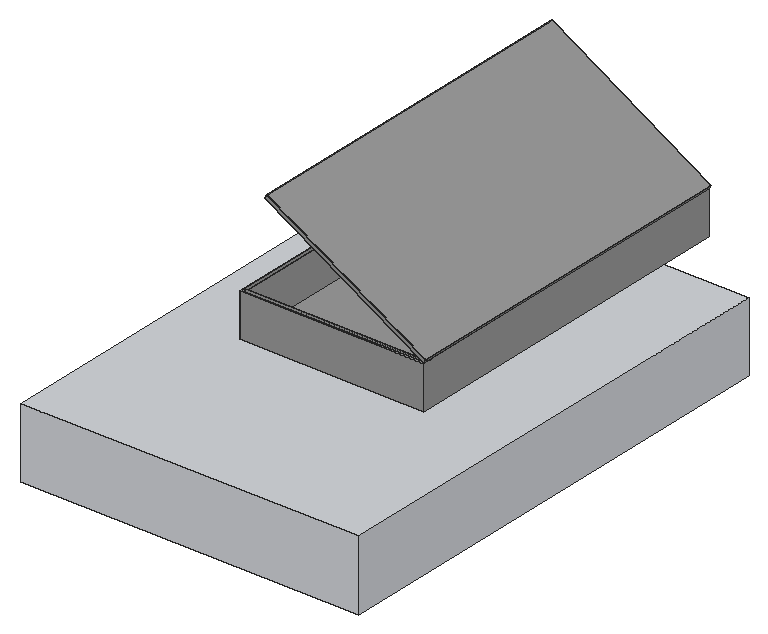
Revit family "Hager-Univers-IP44-D205-H1550-Cl.II-Encl-CH-de", category Equipement électrique, Revit 2020
Family settings
  Hôte = Face
  Configuration du panneau = Deux colonnes, circuits au sein
  Cote de connecteur circulaire = Utiliser le diamètre
  Type d'élément = Tableau de raccordement
  Couper avec des vides une fois chargée = Non
  Partagée = Non
  Point de calcul de pièce = Non
Parameters (values of type "Aufputz IP44 B800 H1550 T205  - FP03SN2")
  Width Control [instance] = if([EF000008 - Breite] > Min Width, [EF000008 - Breite], Min Width)  # 800 mm
  Commentaires du type = [HG000003 - Bereich]  # "Univers"
  Thickness Door [instance] = if([EF009171 - Materialstärke Tür/Deckel] > 3 mm, 3 mm, [EF009171 - Materialstärke Tür/Deckel])  # 1 mm
  Seal Frame Offset [instance] = 17 mm  # constant formula
  Plinth Visibility [instance] = [HG000027 - Sockelhöhe] > 0 mm  # no
  Model = ""
  Min Width [instance] = 100 mm  # constant formula
  Min Height [instance] = 100 mm  # constant formula
  Min Depth [instance] = (2 * [EF009170 - Materialstärke Gehäuse]) + 1 mm  # 3 mm
  Internal Frame Depth [instance] = (Door System Depth * 0.5)  # 9 mm
  Height Control [instance] = if([EF000040 - Höhe] > Min Height, [EF000040 - Höhe], Min Height)  # 1550 mm
  HG000027 - Sockelhöhe = 0 mm
  HG000026 - Stehend auf dem Boden = no
  HG000024 - Höhe des unteren Teils = 800 mm
  HG000023 - Gehäuse mit doppeltem Querschnitt = no
  HG000016 - 3D-Türsichtbarkeit [instance] = yes
  HG000015 - Sichtbarkeit der Türöffnung [instance] = no
  HG000014 - Tür rechts [instance] = yes
  HG000013 - Tür links [instance] = not([HG000014 - Tür rechts])  # no
  HG000012 - Türschwenkwinkel [instance] = 30.00°
  HG000010 - Asymmetrische Türen = no
  HG000009 - Doppelflügeligen Tür = no
  HG000006 - Unterputz = no
  HG000004 - Herstellerreferenz = "FP03SN2"
  HG000003 - Bereich = "Univers"
  HG000002 - Mit tür = yes
  Frame Offset Bottom [instance] = 10 mm  # constant formula
  Frame Offset [instance] = 15 mm  # constant formula
  EF015940 - Deckel mit Überdruckentlastung = no
  EF011959 - Schutzart (NEMA) = ""
  EF009554 - Anzahl der Öffnungen für Flanschplatten = 6
  Fabricant = "Hager"  # constant formula
  EF009212 - Ausführung Deckel = "EV000116 - geschlossen"
  EF009171 - Materialstärke Tür/Deckel = 1 mm
  EF009170 - Materialstärke Gehäuse = 1 mm
  EF008873 - Nennstrom (In) = 250 A
  EF007800 - Geeignet für Blitzschutz = no
  EF006306 - Mit Schloss = no
  EF006244 - Transparenter Deckel/Tür = no
  EF005474 - Schutzart (IP) = "EV006418 - IP44"
  EF004464 - Art der Tür = "EV002646 - Einzel"
  EF004427 - Anzahl der Module = 360
  EF004293 - Schlagfestigkeit = "EV006815 - IK09"
  EF003532 - Geeignet für Außengebrauch = no
  EF002950 - Breite in Teilungseinheiten = 36
  EF001613 - Funktionserhalt = "EV000494 - ohne"
  EF001596 - Werkstoff des Gehäuses = "EV000179 - Stahl"
  EF001131 - Innentiefe = 143 mm
  EF001088 - Anbaumöglichkeit = yes
  EF000437 - Anzahl der Leitungseinführungen = 6
  EF000339 - Art der Abdeckung = "EV001012 - Deckel"
  EF000266 - Anzahl der Reihen = 10
  EF000218 - Einbautiefe = 205 mm
  EF000118 - Mit Montageplatte = no
  EF000116 - RAL-Nummer = "9010"
  EF000049 - Tiefe = 205 mm
  EF000040 - Höhe = 1550 mm
  EF000008 - Breite = 800 mm
  EF000007 - Farbe = "EV000202 - weiß"
  EF000003 - Montageart = "EV000384 - Aufputz"
  Door System Leaf Tolerance [instance] = 1.5 mm  # constant formula
  Door System Depth [instance] = 18 mm  # constant formula
  Door Height [instance] = Height Control - [HG000027 - Sockelhöhe]  # 1550 mm
  Depth Control [instance] = if([EF000049 - Tiefe] > Min Depth, [EF000049 - Tiefe], Min Depth)  # 205 mm
  Default Elevation = 0 mm
  Connector Offset [instance] = Height Control / 2  # 775 mm
  Bottom Top Plate Trim [instance] = 1.5 mm  # constant formula
  Plinth height Ctrl [instance] = if([HG000027 - Sockelhöhe] > 0 mm, [HG000027 - Sockelhöhe], 12 mm)  # 12 mm
Types (5, lengths in mm): name | Width Control | HG000009 - Doppelflügeligen Tür | HG000004 - Herstellerreferenz | EF009554 - Anzahl der Öffnungen für Flanschplatten | EF008873 - Nennstrom (In) | EF004464 - Art der Tür | EF004427 - Anzahl der Module | EF002950 - Breite in Teilungseinheiten | EF001131 - Innentiefe | EF000437 - Anzahl der Leitungseinführungen | EF000008 - Breite
  Aufputz IP44 B1050 H1550 T205  - FP04SN2 | 1050 | yes | "FP04SN2" | 8 | 400 A | "EV003602 - Doppel" | 480 | 48 | 143 | 8 | 1050
  Aufputz IP44 B1300 H1550 T205  - FP05SN2 | 1300 | yes | "FP05SN2" | 10 | 400 A | "EV003602 - Doppel" | 600 | 60 | 143 | 10 | 1300
  Aufputz IP44 B300 H1550 T205  - FP01SN2 | 300 | no | "FP01SN2" | 2 | 250 A | "EV002646 - Einzel" | 120 | 12 | 130 | 2 | 300
  Aufputz IP44 B550 H1550 T205  - FP02SN2 | 550 | no | "FP02SN2" | 4 | 250 A | "EV002646 - Einzel" | 240 | 24 | 143 | 4 | 550
  Aufputz IP44 B800 H1550 T205  - FP03SN2 | 800 | no | "FP03SN2" | 6 | 250 A | "EV002646 - Einzel" | 360 | 36 | 143 | 6 | 800
Reference planes
  plane 1 "Center (Front/Back)": y = 0
  plane 2: z = 0
  plane 3 "Center (Left/Right)": x = 0
  plane 4: z = 205
  plane 5: y = 1
  plane 6: y = 775
  plane 7: y = 0
  plane 8: y = 1550
  plane 9: z = 0
  plane 10: x = -385
  plane 11: x = 385
  plane 12: x = 384
  plane 13: x = -384
  plane 14: y = 1549
  plane 15: x = -383
  plane 16: x = -400
  plane 17: x = 383
  plane 18: x = 400
  plane 19: x = 399
  plane 20: x = -399
  plane 21: y = 11
  plane 22: y = 1550
  plane 23: y = 1534
  plane 24: z = 187
  plane 25: z = 1
  plane 26: z = 186
  plane 27: z = 204
Forms (mm)
  Extrusion 1, solid
    sketch origin (0, 0, 0) x (1, 0, 0) y (0, 1, 0)
      loop
        line (-702.964, 1305) -> (-702.964, -811.445) -> (766.763, -811.445) -> (766.763, 1305) -> (-702.964, 1305)
    from 0 to -304.8
  Extrusion 2, solid, material "Hager_Steel_RAL7035_Light_Grey", visible <- "Plinth Visibility", detail levels medium+fine
    sketch origin (0, 0, 0) x (1, 0, 0) y (0, 1, 0)
      loop
        line (-400, 0) -> (400, 0) -> (400, 12) -> (-400, 12) -> (-400, 0)
    from 0 to 187
  Extrusion 3, solid, material "Hager_Steel_RAL7035_Light_Grey", detail levels medium+fine
    sketch origin (0, 0, 0) x (1, 0, 0) y (0, 1, 0)
      loop
        line (-400, 0) -> (400, 0) -> (400, 1550) -> (-400, 1550) -> (-400, 0)
    from 0 to 187
  Extrusion 4, void
    sketch origin (0, 0, 0) x (1, 0, 0) y (0, 1, 0)
      loop
        line (-399, 1) -> (399, 1) -> (399, 1549) -> (-399, 1549) -> (-399, 1)
    from 1 to 186
  Extrusion 5, void
    sketch origin (-381.607, -4572, 187) x (0, -1, 0) y (-1, 0, 0)
      loop
        line (-4583, 2.393) -> (-6106, 2.393) -> (-6106, -765.607) -> (-4583, -765.607) -> (-4583, 2.393)
    from 0 to 1 <- "EF009170 - Materialstärke Gehäuse"
  Extrusion 6, solid, material "Hager_Steel_RAL7035_Light_Grey", detail levels fine
    sketch origin (0, 0, 187) x (1, 0, 0) y (0, 1, 0)
      loop
        line (-384, 1534) -> (-384, 11) -> (384, 11) -> (384, 1534) -> (-384, 1534)
      loop
        line (-385, 10) -> (385, 10) -> (385, 1535) -> (-385, 1535) -> (-385, 10)
    from 0 to 9 <- "Internal Frame Depth"
  Extrusion 7, solid, material "Hager_Steel_RAL7035_Light_Grey", detail levels coarse
    sketch origin (0, 0, 0) x (1, 0, 0) y (0, 1, 0)
      loop
        line (-400, 0) -> (400, 0) -> (400, 1550) -> (-400, 1550) -> (-400, 0)
    from 0 to 205
  Sweep 8, void
    path in 3D
      loop
        line (-400, 12, 0) -> (400, 12, 0) -> (400, 12, 187) -> (-400, 12, 187) -> (-400, 12, 0)
    profile origin (-400, 12, 93.5) x (-1, 0, 0) y (0, -1, 0)
      loop
        line (0, 0) -> (0, 1.5) -> (-1.5, 1.5)
        arc (-1.5, 1.5) -> (-1.061, 0.439) -> (0, 0) r 1.5
Cuts and joins
  Extrusion 4, Extrusion 5 cuts Extrusion 3
  Sweep 8 cuts Extrusion 2
Lines and regions (mm)
  Masking region 1
    outline origin (0, 0, 0) x (1, 0, 0) y (0, 0, 1)
      loop
        line (-400, 205) -> (-400, 0) -> (400, 0) -> (400, 205) -> (-400, 205)
  Masking region 2, detail levels medium+fine
    outline origin (0, 140, 0) x (0, 1, 0) y (0, 0, 1)
      loop
        line (-140, 0) -> (1410, 0) -> (1410, 187) -> (-140, 187) -> (-140, 0)
  Masking region 3, not visible, detail levels medium+fine
    outline origin (0, 297.922, 0) x (0, 1, 0) y (0, 0, 1)
      loop
        line (488.578, 0) -> (528.578, 0) -> (528.578, 194)
        arc (528.578, 194) -> (525.649, 201.071) -> (518.578, 204) r 10
        line (518.578, 204) -> (488.578, 204) -> (488.578, 0)
  Masking region 4, detail levels coarse
    outline origin (0, 0, 180) x (0, 1, 0) y (0, 0, 1)
      loop
        line (0, -180) -> (1550, -180) -> (1550, 25) -> (0, 25) -> (0, -180)
  Masking region 5, visible <- "Plinth Visibility", detail levels medium+fine
    outline origin (0, 52.24, 12.345) x (0, 0, -1) y (0, 1, 0)
      loop
        line (10.845, -40.24) -> (-173.155, -40.24)
        arc (-173.155, -40.24) -> (-173.594, -41.301) -> (-174.655, -41.74) r 1.5
        line (-174.655, -41.74) -> (-174.655, -52.24) -> (12.345, -52.24) -> (12.345, -41.74)
        arc (12.345, -41.74) -> (11.285, -41.301) -> (10.845, -40.24) r 1.5
  Masking region 6, detail levels medium+fine
    outline origin (-381.607, -4572, 187) x (-1, 0, 0) y (0, -1, 0)
      loop
        line (18.393, -6122) -> (18.393, -4572) -> (-781.607, -4572) -> (-781.607, -6122) -> (18.393, -6122)
  Masking region 7, visible <- "Plinth Visibility", detail levels medium+fine
    outline origin (-381.607, -4727, 187) x (-1, 0, 0) y (0, -1, 0)
      loop
        arc (16.893, -4739) -> (17.332, -4737.939) -> (18.393, -4737.5) r 1.5
        line (18.393, -4737.5) -> (18.393, -4727) -> (-781.607, -4727) -> (-781.607, -4737.5)
        arc (-781.607, -4737.5) -> (-780.546, -4737.939) -> (-780.107, -4739) r 1.5
        line (-780.107, -4739) -> (16.893, -4739)
  Masking region 8, detail levels coarse
    outline origin (-442.548, -4669.526, 187) x (-1, 0, 0) y (0, -1, 0)
      loop
        line (-42.548, -6219.526) -> (-42.548, -4669.526) -> (-842.548, -4669.526) -> (-842.548, -6219.526) -> (-42.548, -6219.526)
  sketch lines
    curve 1: line (-400, 12, 187) -> (-400, 12, 0)
    curve 2: line (400, 12, 187) -> (-400, 12, 187)
    curve 3: line (400, 12, 187) -> (400, 12, 0)
    curve 4: line (-400, 12, 0) -> (400, 12, 0)
Dimensions and locks
  "Depth Control": plane 4 to Extrusion 1
  "HG000027 - Sockelhöhe": plane 1 "Center (Front/Back)" to plane 7
  "EF009170 - Materialstärke Gehäuse": plane 5 to plane 7
  locked: connector elem to plane 3 "Center (Left/Right)"
  equal spacing: plane 8, plane 6, plane 7
  locked: connector elem to plane 6
  "EF009170 - Materialstärke Gehäuse": plane 8 to plane 14
  "EF009170 - Materialstärke Gehäuse": plane 10 to plane 13
  "EF009170 - Materialstärke Gehäuse": plane 12 to plane 11
  "Frame Offset": plane 20 to plane 13
  "Frame Offset": plane 12 to plane 19
  "EF009170 - Materialstärke Gehäuse": plane 16 to plane 20
  "EF009170 - Materialstärke Gehäuse": plane 19 to plane 18
  "Seal Frame Offset": plane 16 to plane 15
  "Seal Frame Offset": plane 17 to plane 18
  "Frame Offset Bottom": plane 21 to plane 5
  "Frame Offset": plane 14 to plane 23
  equal spacing: plane 16, plane 3 "Center (Left/Right)", plane 18
  "Width Control": plane 16 to plane 18
  "EF009170 - Materialstärke Gehäuse": plane 4 to plane 27
  "EF009170 - Materialstärke Gehäuse": plane 24 to plane 26
  "EF009170 - Materialstärke Gehäuse": plane 25 to level
  "Door System Depth": plane 4 to plane 24
  "Height Control": plane 1 "Center (Front/Back)" to Extrusion 7 sketch curve
  "Height Control": Masking region 4 sketch curve to plane 1 "Center (Front/Back)"
  "Height Control": plane 1 "Center (Front/Back)" to plane 22
  "Bottom Top Plate Trim": profile plane to Sweep 8 sketch curve
  "Bottom Top Plate Trim": Sweep 8 sketch curve to profile plane
  "Plinth height Ctrl": plane 1 "Center (Front/Back)" to Extrusion 2 sketch curve
  "Plinth height Ctrl": Masking region 5 sketch curve to plane 1 "Center (Front/Back)"
  "Plinth height Ctrl": plane 1 "Center (Front/Back)" to Masking region 7 sketch curve
  "Thickness Door": Extrusion 6 sketch curve to Extrusion 6 sketch curve  (x3)
  "Thickness Door": cut or joined group of Extrusion 3, Extrusion 4, Extrusion 5 to Extrusion 6 sketch curve
  radius of Masking region 3 sketch curve = 10 mm
  "Bottom Top Plate Trim": radius of Masking region 5 sketch curve  (x2)
  "Bottom Top Plate Trim": radius of Sweep 8 sketch curve
  "Bottom Top Plate Trim": radius of Masking region 7 sketch curve  (x2)
  aligned and locked: plane 2 to Extrusion 1
  aligned and locked: level to Extrusion 1
  aligned and locked: level to Masking region 1 sketch curve
  aligned and locked: Masking region 1 sketch curve to plane 18
  aligned and locked: Masking region 1 sketch curve to plane 16
  aligned and locked: plane 7 to Masking region 2 sketch curve
  aligned and locked: level to Masking region 3 sketch curve
  aligned and locked: Masking region 3 sketch curve to plane 27
  aligned and locked: level to Masking region 2 sketch curve
  aligned and locked: plane 1 "Center (Front/Back)" to Extrusion 2 sketch curve
  aligned and locked: Extrusion 3 sketch curve to plane 7
  aligned and locked: plane 16 to Extrusion 3 sketch curve
  aligned and locked: plane 18 to Extrusion 3 sketch curve
  aligned and locked: plane 20 to Extrusion 4 sketch curve
  aligned and locked: plane 19 to Extrusion 4 sketch curve
  aligned and locked: Extrusion 4 sketch curve to plane 5
  aligned and locked: Extrusion 4 to plane 25
  aligned and locked: plane 26 to Extrusion 4
  aligned and locked: plane 24 to Extrusion 3
  aligned and locked: Extrusion 5 sketch curve to plane 21
  aligned and locked: Extrusion 5 sketch curve to plane 13
  aligned and locked: Extrusion 5 sketch curve to plane 12
  aligned and locked: plane 18 to Extrusion 7 sketch curve
  aligned and locked: plane 1 "Center (Front/Back)" to Extrusion 7 sketch curve
  aligned and locked: plane 16 to Extrusion 7 sketch curve
  aligned and locked: plane 4 to Extrusion 7
  aligned and locked: Extrusion 7 to level
  aligned and locked: level to Masking region 4 sketch curve
  aligned and locked: Masking region 4 sketch curve to plane 1 "Center (Front/Back)"
  aligned and locked: Masking region 4 sketch curve to plane 4
  aligned and locked: nested 1 to level
  aligned and locked: nested 1 to plane 16
  aligned and locked: plane 8 to Extrusion 3 sketch curve
  aligned and locked: plane 23 to Extrusion 5 sketch curve
  aligned and locked: plane 14 to Extrusion 4 sketch curve
  aligned and locked: Masking region 2 sketch curve to plane 8
  aligned and locked: level to Masking region 5 sketch curve
  aligned and locked: plane 16 to Extrusion 2 sketch curve
  aligned and locked: plane 18 to Extrusion 2 sketch curve
  aligned and locked: Masking region 5 sketch curve to plane 24
  aligned and locked: Masking region 2 sketch curve to plane 24
  aligned and locked: plane 24 to Extrusion 2
  aligned and locked: profile plane to Sweep 8 sketch curve  (x2)
  aligned and locked: Masking region 6 sketch curve to plane 18
  aligned and locked: Masking region 6 sketch curve to plane 22
  aligned and locked: Masking region 6 sketch curve to plane 16
  aligned and locked: plane 8 to plane 22
  aligned and locked: Masking region 6 sketch curve to plane 7
  aligned and locked: Masking region 7 sketch curve to plane 16
  aligned and locked: Masking region 7 sketch curve to plane 1 "Center (Front/Back)"
  aligned and locked: Masking region 7 sketch curve to plane 18
  aligned and locked: Masking region 8 sketch curve to plane 1 "Center (Front/Back)"
  aligned and locked: Masking region 8 sketch curve to plane 18
  aligned and locked: Masking region 8 sketch curve to plane 22
  aligned and locked: Masking region 8 sketch curve to plane 16
  aligned and locked: nested 2 to plane 7
  aligned and locked: plane 3 "Center (Left/Right)" to nested 2
  aligned and locked: nested 2 to plane 24
  aligned and locked: Extrusion 6 sketch curve to cut or joined group of Extrusion 3, Extrusion 4, Extrusion 5  (x4)
Automatic sketch dimensions
  Extrusion 1 sketch curve to Extrusion 1 sketch curve = 1469.727 mm
  Extrusion 1 sketch curve to Extrusion 1 sketch curve = 2116.445 mm
  Masking region 1 sketch curve to plane 4 = 0 mm
  plane 6 to Masking region 3 sketch curve = 11.5 mm
  Masking region 3 sketch curve to Masking region 3 sketch curve = 30 mm
  Masking region 5 sketch curve to plane 1 "Center (Front/Back)" = 0 mm
Nested families
  nested 1: "Hager_Enclosure_Symbol" at (-400, 0, 0) x (1, 0, 0) z (0, -1, 0), Height <- "Depth Control", Width <- "Width Control", type "Hager_Enclosure_Symbol"
    with Width_Ctrl 800 mm, Width 800 mm, Height_Ctrl 205 mm, Height 205 mm, A_Width_Int 13.453 mm, A_Width 161.438 mm, A_Height_Ctrl 179.375 mm, A_Height 179.375 mm
  nested 2: "EC000058_Univers_Door" at (0, 0, 187) x (1, 0, 0) z (0, 1, 0), Leaf_Tolerance <- "Door System Leaf Tolerance", Angle <- "HG000012 - Türschwenkwinkel", Door_Depth <- "Door System Depth", Door_Left <- "HG000013 - Tür links", Transparent <- "EF006244 - Transparenter Deckel/Tür", Assymetrical <- "HG000010 - Asymmetrische Türen", Width <- "Width Control", Clearance <- "HG000015 - Sichtbarkeit der Türöffnung", Double <- "HG000009 - Doppelflügeligen Tür", 3d_Door <- "HG000016 - 3D-Türsichtbarkeit", Lock_Visibility <- "EF006306 - Mit Schloss", Width_Ctrl <- "Width Control", Door_Right <- "HG000014 - Tür rechts", Door <- "HG000002 - Mit tür", Height <- "Door Height", Thickness <- "Thickness Door", type "EC000058_Univers_Door", detail levels medium+fine
    with min_wh 3 mm, Width_Ctrl 800 mm, Width 800 mm, Transparent no, Thickness 1 mm, Seal_Material Hager_Rubber, Lock_Visibility no, Lock_Material Hager_Plastic_RAL9005_Jet_Black, Leaf_Width 800 mm, Leaf_Tolerance_External_Sides 0 mm, Leaf_Tolerance 1.5 mm, Leaf_Offset 0 mm, Leaf_Height 1547 mm, Leaf_2_Width 800 mm, Leaf_2_Offset 400 mm, Leaf_1_Width 800 mm, Leaf_1_Offset 400 mm, Height_Ctrl 1550 mm, Height 1550 mm, Glass_Material Hager_Glass, Double_Clearance_Ctrl no, Double no, Door_Right_Ctrl yes, Door_Right yes, Door_Material Hager_Steel_RAL7035_Light_Grey, Door_Left_Ctrl no, Door_Left no, Door_Depth 18 mm, Door yes, Clearance_Material Hager_Clearance, Clearance_Depth 800 mm, Clearance_Ctrl no, Clearance no, Assymetrical no, Angle 30.00°, 3d_Door yes
Connectors
  electrical at (0, 775, 0)
    settings: on plane 9, index 1, voltage 0 V, apparent load 0 VA, apparent load phase1 0 VA, apparent load phase2 0 VA, apparent load phase3 0 VA, power factor 1, load classification "Other", number of poles 1, system type 30, power factor state 1, is connector primary yes, connector utility no, sub classification motor no, connector description ""
Definition of nested family "EC000058_Univers_Door"
  Parameters (values of type "EC000058_Univers_Door")
    min_wh [instance] = (2 * Thickness) + 1 mm  # 11 mm
    Width_Ctrl [instance] = 400 mm
    Width [instance] = 500 mm
    Transparent [instance] = yes
    Thickness [instance] = 5 mm
    Seal_Material [instance] = none
    Lock_Visibility [instance] = yes
    Lock_Material [instance] = none
    Leaf_Width [instance] = if((Width_Ctrl - 2 * Leaf_Tolerance_External_Sides) > 0 mm, (Width_Ctrl - 2 * Leaf_Tolerance_External_Sides), min_wh)  # 400 mm
    Leaf_Tolerance_External_Sides [instance] = 0 mm  # constant formula
    Leaf_Tolerance [instance] = 1.5 mm
    Leaf_Offset [instance] = 0 mm  # constant formula
    Leaf_Height [instance] = if((Height_Ctrl - 2 * Leaf_Tolerance) > 0 mm, (Height_Ctrl - 2 * Leaf_Tolerance), min_wh)  # 497 mm
    Leaf_2_Width [instance] = if(and(and(Double, Assymetrical), Door_Left), (Leaf_Width / 3) - (Leaf_Tolerance / 2), if(and(and(Double, Assymetrical), Door_Right), (Leaf_Width / 3) * 2 - (Leaf_Tolerance / 2), if(and(Double, not(Assymetrical)), (Leaf_Width / 2) - Leaf_Tolerance, Leaf_Width)))  # 400 mm
    Leaf_2_Offset [instance] = if(and(Double, Assymetrical), Leaf_2_Width / 2, if(and(Double, not(Assymetrical)), Leaf_Width / 4, Leaf_Width / 2))  # 200 mm
    Leaf_1_Width [instance] = if(and(and(Double, Assymetrical), Door_Right), (Leaf_Width / 3) - (Leaf_Tolerance / 2), if(and(and(Double, Assymetrical), Door_Left), (Width / 3) * 2 - (Leaf_Tolerance / 2), if(and(Double, not(Assymetrical)), (Leaf_Width / 2) - Leaf_Tolerance, Leaf_Width)))  # 400 mm
    Leaf_1_Offset [instance] = if(and(Double, Assymetrical), Leaf_1_Width / 2, if(and(Double, not(Assymetrical)), Leaf_Width / 4, Leaf_Width / 2))  # 200 mm
    Height_Ctrl [instance] = if(Height > min_wh, Height, min_wh)  # 500 mm
    Height [instance] = 500 mm
    Glass_Material [instance] = none
    Double_Clearance_Ctrl [instance] = and(Double, Clearance)  # no
    Double [instance] = no
    Door_Right_Ctrl [instance] = and(or(Door_Right, Double), Door)  # yes
    Door_Right [instance] = yes
    Door_Material [instance] = none
    Door_Left_Ctrl [instance] = and(or(Door_Left, Double), Door)  # no
    Door_Left [instance] = no
    Door_Depth [instance] = 30 mm
    Door [instance] = yes
    Default Elevation = 1219.2 mm
    Clearance_Material [instance] = none
    Clearance_Depth [instance] = if(Leaf_1_Width > Leaf_2_Width, Leaf_1_Width, Leaf_2_Width)  # 400 mm
    Clearance_Ctrl [instance] = and(not(Double), Clearance)  # yes
    Clearance [instance] = yes
    Assymetrical [instance] = yes
    Angle [instance] = 30.00°
    3d_Door [instance] = yes
  Reference planes
    plane 1 "Center (Front/Back)": y = 0
    plane 2 "Bottom": z = 0
    plane 3 "Center (Left/Right)": x = 0
    plane 4: z = 500
    plane 5: x = -200
    plane 6: x = 200
    plane 7: z = 500
    plane 8: x = -200
    plane 9: z = 0
    plane 10: x = 200
    plane 11: y = 0
    plane 12: z = 1.5
    plane 13: x = -600
    plane 14: y = -400
    plane 15: x = 600
    plane 16: x = 0
    plane 17: x = 0
    plane 18: x = -200
    plane 19: x = 200
    plane 20: z = 498.5
  Forms (mm)
    Extrusion 1, solid, material <- "Clearance_Material", visible <- "Double_Clearance_Ctrl"
      sketch origin (1200, 0, 0) x (1, 0, 0) y (0, 0, -1)
        loop
          line (-1800, -498.5) -> (-600, -498.5) -> (-600, 0) -> (-1800, 0) -> (-1800, -498.5)
      from 0 to -400
  Dimensions and locks
    equal spacing: plane 5, plane 3 "Center (Left/Right)", plane 6
    "Width_Ctrl": plane 5 to plane 6
    "Leaf_Offset": plane 5 to plane 8
    "Leaf_Offset": plane 6 to plane 10
    "Leaf_Offset": plane 9 to level
    "Leaf_Offset": plane 4 to plane 7
    "Height_Ctrl": plane 4 to level
    "Leaf_Tolerance": plane 12 to plane 9
    locked: plane 11 to plane 1 "Center (Front/Back)"
    "Leaf_1_Offset": plane 18 to plane 16
    "Leaf_2_Offset": plane 17 to plane 19
    "Leaf_1_Width": plane 13 to plane 8
    "Leaf_2_Width": plane 10 to plane 15
    "Clearance_Depth": plane 14 to plane 1 "Center (Front/Back)"
    "Leaf_Tolerance_External_Sides": plane 8 to plane 18
    "Leaf_Tolerance_External_Sides": plane 19 to plane 10
    "Leaf_Tolerance": plane 7 to plane 20
    aligned and locked: level to plane 2 "Bottom"
    aligned and locked: nested 1 to plane 16
    aligned and locked: nested 2 to plane 17
    aligned and locked: Extrusion 1 to plane 13
    aligned and locked: plane 15 to Extrusion 1
    aligned and locked: Extrusion 1 to plane 14
    aligned and locked: plane 12 to nested 1
    aligned and locked: nested 2 to plane 12
    aligned and locked: Extrusion 1 to plane 11
    aligned and locked: plane 20 to Extrusion 1
    aligned and locked: nested 2 to plane 11
    aligned and locked: nested 1 to plane 11
  Automatic sketch dimensions
    Extrusion 1 sketch curve to level = 0 mm
    plane 5 to Extrusion 1 sketch curve = 400 mm
    plane 6 to Extrusion 1 sketch curve = 400 mm
    Extrusion 1 sketch curve to plane 4 = 1.5 mm
  Nested families
    nested 1: "EC000058_Univers_Door_Leaf" at (0, 0, 1.5), Width <- "Leaf_1_Width", visible <- "Door_Left_Ctrl", Leaf_Height <- "Leaf_Height", Angle <- "Angle", 3d_Door <- "3d_Door", Transparent <- "Transparent", Clearance Material <- "Clearance_Material", Clearance <- "Clearance_Ctrl", Door_Material <- "Door_Material", Glass_Material <- "Glass_Material", Door_Depth <- "Door_Depth", Lock_Material <- "Lock_Material", Seal_Material <- "Seal_Material", Lock_Visibility <- "Lock_Visibility", Thickness <- "Thickness", type "EC000058_Univers_Door_Leaf"
      with Width 400 mm, Transparent_Glass_Offset 30 mm, Transparent_Ctrl yes, Transparent yes, Thickness 5 mm, Standard no, Seal_Material none, Seal_D2 8 mm, Seal_D1 1 mm, Offset_Internal_Frame 10 mm, Lock_Width 20 mm, Lock_Visibility_3d yes, Lock_Visibility yes, Lock_Thickness_3 3 mm, Lock_Thickness_2 1 mm, Lock_Thickness_1 3 mm, Lock_Radius_Offset_2 16 mm, Lock_Radius_Offset_1 15 mm, Lock_Radius_2 5 mm, Lock_Radius 6 mm, Lock_Offset 5 mm, Lock_Material none, Lock_Height 80 mm, Lock_Cover_Top_Offset_2d 17 mm, Lock_Cover_Height -65 mm, Leaf_Height 497 mm, Internal_Seal_Thickness 8 mm, Internal_Seal_Depth_2 4.5 mm, Internal_Frame_Depth 25 mm, Glass_Thickness -1 mm, Glass_Offset -2 mm, Glass_Material none, Door_Material none, Door_Depth 30 mm, Clearance Material none, Clearance yes, Angle_Ctrl 30.00°, Angle 30.00°, 3d_Door yes
    nested 2: "EC000058_Univers_Door_Leaf" at (0, 0, 1.5) x (-1, 0, 0) z (0, 0, 1), Width <- "Leaf_2_Width", visible <- "Door_Right_Ctrl", Leaf_Height <- "Leaf_Height", Angle <- "Angle", 3d_Door <- "3d_Door", Transparent <- "Transparent", Clearance Material <- "Clearance_Material", Clearance <- "Clearance_Ctrl", Door_Material <- "Door_Material", Glass_Material <- "Glass_Material", Door_Depth <- "Door_Depth", Lock_Material <- "Lock_Material", Seal_Material <- "Seal_Material", Lock_Visibility <- "Lock_Visibility", Thickness <- "Thickness", type "EC000058_Univers_Door_Leaf"
      with Width 400 mm, Transparent_Glass_Offset 30 mm, Transparent_Ctrl yes, Transparent yes, Thickness 5 mm, Standard no, Seal_Material none, Seal_D2 8 mm, Seal_D1 1 mm, Offset_Internal_Frame 10 mm, Lock_Width 20 mm, Lock_Visibility_3d yes, Lock_Visibility yes, Lock_Thickness_3 3 mm, Lock_Thickness_2 1 mm, Lock_Thickness_1 3 mm, Lock_Radius_Offset_2 16 mm, Lock_Radius_Offset_1 15 mm, Lock_Radius_2 5 mm, Lock_Radius 6 mm, Lock_Offset 5 mm, Lock_Material none, Lock_Height 80 mm, Lock_Cover_Top_Offset_2d 17 mm, Lock_Cover_Height -65 mm, Leaf_Height 497 mm, Internal_Seal_Thickness 8 mm, Internal_Seal_Depth_2 4.5 mm, Internal_Frame_Depth 25 mm, Glass_Thickness -1 mm, Glass_Offset -2 mm, Glass_Material none, Door_Material none, Door_Depth 30 mm, Clearance Material none, Clearance yes, Angle_Ctrl 30.00°, Angle 30.00°, 3d_Door yes
  Definition of nested family "EC000058_Univers_Door_Leaf"
    Parameters (values of type "EC000058_Univers_Door_Leaf")
      Width [instance] = 2000 mm
      Transparent_Glass_Offset [instance] = 30 mm
      Transparent_Ctrl [instance] = and(Transparent, [3d_Door])  # yes
      Transparent [instance] = yes
      Thickness [instance] = 5 mm
      Standard [instance] = and(not(Transparent), [3d_Door])  # no
      Seal_Material [instance] = none
      Seal_D2 [instance] = 8 mm  # constant formula
      Seal_D1 [instance] = 1 mm  # constant formula
      Offset_Internal_Frame [instance] = 10 mm  # constant formula
      Lock_Width [instance] = 20 mm  # constant formula
      Lock_Visibility_3d [instance] = and(Lock_Visibility, [3d_Door])  # yes
      Lock_Visibility [instance] = yes
      Lock_Thickness_3 [instance] = 3 mm  # constant formula
      Lock_Thickness_2 [instance] = 1 mm  # constant formula
      Lock_Thickness_1 [instance] = 3 mm  # constant formula
      Lock_Radius_Offset_2 [instance] = Lock_Radius_Offset_1 + 1 mm  # 16 mm
      Lock_Radius_Offset_1 [instance] = 15 mm  # constant formula
      Lock_Radius_2 [instance] = Lock_Radius - 1 mm  # 5 mm
      Lock_Radius [instance] = 6 mm  # constant formula
      Lock_Offset [instance] = 5 mm  # constant formula
      Lock_Material [instance] = none
      Lock_Height [instance] = 80 mm  # constant formula
      Lock_Cover_Top_Offset_2d [instance] = Lock_Radius_Offset_2 + 1 mm  # 17 mm
      Lock_Cover_Height [instance] = -(Lock_Height - Lock_Radius_Offset_1)  # -65 mm
      Leaf_Height [instance] = 2720.336 mm
      Internal_Seal_Thickness [instance] = 8 mm  # constant formula
      Internal_Seal_Depth_2 [instance] = 4.5 mm  # constant formula
      Internal_Frame_Depth [instance] = if(Door_Depth - Thickness > 5 mm, Door_Depth - Thickness, 5 mm)  # 25 mm
      Glass_Thickness [instance] = if(Thickness > 15 mm, Glass_Offset + 10 mm, -1 mm)  # -1 mm
      Glass_Offset [instance] = if(Thickness > 15 mm, -(Thickness + 10 mm) / 2, -2 mm)  # -2 mm
      Glass_Material [instance] = none
      Door_Material [instance] = none
      Door_Depth [instance] = 30 mm
      Default Elevation = 0 mm
      Clearance Material [instance] = none
      Clearance [instance] = yes
      Angle_Ctrl [instance] = if(Angle > 180.00°, 180.00°, Angle)  # 90.00°
      Angle [instance] = 90.00°
      3d_Door [instance] = yes
    Reference planes
      plane 1 "Center (Front/Back)": y = 0
      plane 2: z = 0
      plane 3 "Center (Left/Right)": x = 0
      plane 4: y = 2000
      plane 5: x = -1000
      plane 6: x = 1000
      plane 7: x = -3000
      plane 8: z = 2720.336
      plane 9: z = 30
      plane 10: z = 2690.336
      plane 11: x = 970
      plane 12: x = -970
      plane 13: y = -3
      plane 14: z = 107.833
      plane 15: y = -5
      plane 16: y = -223.314
      plane 17: x = -1000
      plane 18: z = 1360.168
      plane 19: y = 30
    Forms (mm)
      Extrusion 1, solid, material <- "Clearance Material", visible <- "Clearance"
        sketch origin (0, 0, 0) x (1, 0, 0) y (0, 0, 1)
          loop
            line (-3000, 2720.336) -> (-3000, 0) -> (1000, 0) -> (1000, 2720.336) -> (-3000, 2720.336)
        from 0 to -2000
      Extrusion 2, solid, material <- "Door_Material", visible <- "Standard", detail levels medium+fine
        sketch origin (-1000, 0, 0) x (0, 1, 0) y (-1, 0, 0)
          loop
            line (0, 30) -> (0, 25) -> (2000, 25) -> (2000, 30) -> (0, 30)
        from 0 to 2720.336 <- "Leaf_Height"
      Extrusion 3, solid, material <- "Door_Material", visible <- "Transparent_Ctrl", detail levels medium+fine
        sketch origin (-1000, 0, 0) x (0, 1, 0) y (-1, 0, 0)
          loop
            line (0, 25) -> (2000, 25) -> (2000, 30) -> (0, 30) -> (0, 25)
        from 0 to 2720.336 <- "Leaf_Height"
      Extrusion 4, void
        sketch origin (-1025, 2000, 0) x (0, 1, 0) y (0, 0, -1)
          loop
            line (-30, -2690.336) -> (-30, -30) -> (-1970, -30) -> (-1970, -2690.336) -> (-30, -2690.336)
        from 0 to 5 <- "Thickness"
      Sweep 5, solid, material <- "Seal_Material", visible <- "Transparent_Ctrl", detail levels fine
        path in 3D
          loop
            line (-1025, 30, 30) -> (-1025, 30, 2690.336) -> (-1025, 1970, 2690.336) -> (-1025, 1970, 30) -> (-1025, 30, 30)
        profile origin (-1025, 1000, 30) x (1, 0, 0) y (0, 0, 1)
          loop
            line (0, 0) -> (0, -8) -> (1, -8) -> (1, 0) -> (0, 0)
      Extrusion 6, solid, material <- "Glass_Material", visible <- "Transparent_Ctrl", detail levels medium+fine
        sketch origin (-1030, 0, 0) x (0, 1, 0) y (0, 0, -1)
          loop
            line (1970, -2690.336) -> (1970, -30) -> (30, -30) -> (30, -2690.336) -> (1970, -2690.336)
        from -2 <- "Glass_Offset" to -1 <- "Glass_Thickness"
      Extrusion 7, solid, material <- "Door_Material", visible <- "3d_Door", detail levels medium+fine
        sketch origin (-1025, 2000, 0) x (0, -1, 0) y (0, 0, -1)
          loop
            line (0, -2720.336) -> (2000, -2720.336) -> (2000, 0) -> (0, 0) -> (0, -2720.336)
          loop
            line (1995, -5) -> (5, -5) -> (5, -2715.336) -> (1995, -2715.336) -> (1995, -5)
        from 0 to 25 <- "Internal_Frame_Depth"
      Sweep 8, solid, material <- "Seal_Material", visible <- "Transparent_Ctrl", detail levels fine
        path in 3D
          loop
            line (-1025, 0, 0) -> (-1025, 2000, 0) -> (-1025, 2000, 2720.336) -> (-1025, 0, 2720.336) -> (-1025, 0, 0)
        profile origin (-1025, 0, 1360.168) x (1, 0, 0) y (0, 1, 0)
          loop
            line (0, 10) -> (2.975, 10)
            arc (2.975, 10) -> (4.053, 10.447) -> (4.5, 11.525) r 1.525
            line (4.5, 11.525) -> (4.5, 16.527)
            arc (4.5, 16.527) -> (4.069, 17.569) -> (3.027, 18) r 1.473
            line (3.027, 18) -> (0, 18) -> (0, 10)
      Extrusion 9, solid, material <- "Lock_Material", visible <- "Lock_Visibility_3d", detail levels fine
        sketch origin (-1030, 0, 0) x (0, 1, 0) y (0, 0, -1)
          loop
            arc (1993.5, -1400.168) -> (1994.561, -1399.729) -> (1995, -1398.668) r 1.5
            line (1995, -1398.668) -> (1995, -1320.168) -> (1975, -1320.168) -> (1975, -1398.668)
            arc (1975, -1398.668) -> (1975.439, -1399.729) -> (1976.5, -1400.168) r 1.5
            line (1976.5, -1400.168) -> (1993.5, -1400.168)
        from 3 <- "Lock_Thickness_1" to 0
      Blend 10, solid, material <- "Lock_Material", visible <- "Lock_Visibility_3d", detail levels fine
        base sketch origin (-1033, 0, 0) x (0, 1, 0) y (0, 0, -1)
          loop
            line (1975, -1320.168) -> (1975, -1398.668)
            arc (1975, -1398.668) -> (1975.439, -1399.729) -> (1976.5, -1400.168) r 1.5
            line (1976.5, -1400.168) -> (1993.5, -1400.168)
            arc (1993.5, -1400.168) -> (1994.561, -1399.729) -> (1995, -1398.668) r 1.5
            line (1995, -1398.668) -> (1995, -1320.168) -> (1975, -1320.168)
        top sketch origin (-1033, 0, 0) x (0, 1, 0) y (0, 0, -1)
          loop
            line (1976, -1320.168) -> (1976, -1398.668)
            arc (1976, -1398.668) -> (1976.146, -1399.022) -> (1976.5, -1399.168) r 0.5
            line (1976.5, -1399.168) -> (1993.5, -1399.168)
            arc (1993.5, -1399.168) -> (1993.854, -1399.022) -> (1994, -1398.668) r 0.5
            line (1994, -1398.668) -> (1994, -1320.168) -> (1976, -1320.168)
        from 0 to 1 <- "Lock_Thickness_2"
      Blend 11, solid, material <- "Lock_Material", visible <- "Lock_Visibility_3d", detail levels fine
        base sketch origin (-1034, 0, 0) x (0, 1, 0) y (0, 0, -1)
          loop
            line (1978, -1320.168) -> (1978, -1384.168)
            arc (1978, -1384.168) -> (1985, -1391.168) -> (1992, -1384.168) r 7
            line (1992, -1384.168) -> (1992, -1320.168) -> (1978, -1320.168)
        top sketch origin (-1034, 0, 0) x (0, 1, 0) y (0, 0, -1)
          loop
            line (1991, -1320.168) -> (1979, -1320.168) -> (1979, -1383.168)
            arc (1979, -1383.168) -> (1985, -1389.168) -> (1991, -1383.168) r 6
            line (1991, -1383.168) -> (1991, -1320.168)
        from 0 to 3 <- "Lock_Thickness_3"
      Extrusion 12, solid, material <- "Lock_Material", visible <- "Lock_Visibility_3d", detail levels fine
        sketch origin (-1030, 1975, 1320.168) x (1, 0, 0) y (0, -1, 0)
          loop
            line (-7, -19) -> (-7, -1) -> (0, -1) -> (0, 0) -> (-8, 0) -> (-8, -20) -> (0, -20) -> (0, -19) -> (-7, -19)
        from 0 to -65 <- "Lock_Cover_Height"
      Extrusion 13, void
        sketch origin (-1038, 1995, 1320.168) x (-1, 0, 0) y (0, 0, -1)
          loop
            line (-5, -65) -> (0, -65) -> (-5, -60) -> (-5, -65)
        from 0 to 20 <- "Lock_Width"
      Extrusion 14, void
        sketch origin (-1038, 1975, 1320.168) x (0, -1, 0) y (0, 0, -1)
          loop
            circle (-10, -15.995) r 6
          loop
            circle (-10, -15.995) r 5
        from 0 to 2
      Extrusion 15, solid, material <- "Lock_Material", visible <- "Lock_Visibility_3d", detail levels medium
        sketch origin (-1030, 0, 0) x (0, 1, 0) y (0, 0, -1)
          loop
            arc (1993.5, -1400.168) -> (1994.561, -1399.729) -> (1995, -1398.668) r 1.5
            line (1995, -1398.668) -> (1995, -1320.168) -> (1975, -1320.168) -> (1975, -1398.668)
            arc (1975, -1398.668) -> (1975.439, -1399.729) -> (1976.5, -1400.168) r 1.5
            line (1976.5, -1400.168) -> (1993.5, -1400.168)
        from 8 to 0
    Cuts and joins
      Extrusion 4 cuts Extrusion 3
      Extrusion 13, Extrusion 14 cuts Extrusion 9
      Extrusion 14 cuts Blend 11
      Extrusion 13, Extrusion 14 cuts Extrusion 12
      joined: Extrusion 9, Blend 10, Blend 11, Extrusion 12
      Extrusion 14 cuts Extrusion 15
    Lines and regions (mm)
      Masking region 1, visible <- "Lock_Visibility", detail levels fine
        outline origin (0, 0, 0) x (0, 1, 0) y (0, 0, 1)
          loop
            line (30, 1320.168) -> (33, 1320.168) -> (33, 1400.168) -> (30, 1400.168) -> (30, 1320.168)
      Masking region 2, visible <- "Lock_Visibility", detail levels fine
        outline origin (0, 3.143, 0) x (0, 1, 0) y (0, 0, 1)
          loop
            line (29.857, 1354.168) -> (30.857, 1354.168) -> (30.857, 1366.168) -> (29.857, 1366.168) -> (29.857, 1354.168)
      Masking region 3, detail levels medium+fine
        outline origin (0, 0, 0) x (0, 1, 0) y (0, 0, 1)
          loop
            line (0, 0) -> (30, 0) -> (30, 2720.336) -> (0, 2720.336) -> (0, 0)
      Masking region 4, detail levels medium+fine
        outline origin (0, 0, 0) x (1, 0, 0) y (0, 0, 1)
          loop
            line (-1000, 2720.336) -> (-1000, 0) -> (1000, 0) -> (1000, 2720.336) -> (-1000, 2720.336)
      Masking region 5, visible <- "Lock_Visibility", detail levels fine
        outline origin (-47.116, 0, 0) x (1, 0, 0) y (0, 0, 1)
          loop
            arc (1024.616, 1399.168) -> (1023.556, 1398.729) -> (1023.116, 1397.668) r 1.5
            line (1023.116, 1397.668) -> (1023.116, 1320.168) -> (1041.116, 1320.168) -> (1041.116, 1397.668)
            arc (1041.116, 1397.668) -> (1040.677, 1398.729) -> (1039.616, 1399.168) r 1.5
            line (1039.616, 1399.168) -> (1024.616, 1399.168)
      Masking region 6, visible <- "Lock_Visibility", detail levels medium+fine
        outline origin (-25, 0, 0) x (1, 0, 0) y (0, 0, 1)
          loop
            arc (1001.5, 1400.168) -> (1000.439, 1399.729) -> (1000, 1398.668) r 1.5
            line (1000, 1398.668) -> (1000, 1320.168) -> (1020, 1320.168) -> (1020, 1398.668)
            arc (1020, 1398.668) -> (1019.561, 1399.729) -> (1018.5, 1400.168) r 1.5
            line (1018.5, 1400.168) -> (1001.5, 1400.168)
      Masking region 7, visible <- "Lock_Visibility", detail levels fine
        outline origin (-73.735, 0, 0) x (1, 0, 0) y (0, 0, 1)
          loop
            line (1051.735, 1382.168) -> (1065.735, 1382.168) -> (1065.735, 1384.168)
            arc (1065.735, 1384.168) -> (1058.735, 1391.168) -> (1051.735, 1384.168) r 7
            line (1051.735, 1384.168) -> (1051.735, 1382.168)
      Masking region 8, visible <- "Lock_Visibility", detail levels fine
        outline origin (-73.735, 0, 0) x (1, 0, 0) y (0, 0, 1)
          loop
            line (1052.735, 1382.168) -> (1064.735, 1382.168) -> (1064.735, 1383.168)
            arc (1064.735, 1383.168) -> (1058.735, 1389.168) -> (1052.735, 1383.168) r 6
            line (1052.735, 1383.168) -> (1052.735, 1382.168)
      Masking region 9, visible <- "Lock_Visibility", detail levels fine
        outline origin (-25, 0, 0) x (1, 0, 0) y (0, 0, 1)
          loop
            line (1020, 1320.168) -> (1020, 1382.168) -> (1000, 1382.168) -> (1000, 1320.168) -> (1020, 1320.168)
      Masking region 10, detail levels medium+fine
        outline origin (0, 0, 0) x (1, 0, 0) y (0, 0, 1)
          loop
            circle (985, 1335.144) r 6
      Masking region 11, detail levels fine
        outline origin (0, 0, 0) x (1, 0, 0) y (0, 0, 1)
          loop
            circle (985, 1335.144) r 5
      Masking region 12, visible <- "Lock_Visibility", detail levels fine
        outline origin (0, 12.767, 0) x (0, 1, 0) y (0, 0, 1)
          loop
            line (20.233, 1320.168) -> (21.233, 1320.168) -> (21.233, 1399.168) -> (20.233, 1400.168) -> (20.233, 1320.168)
      Masking region 13, visible <- "Lock_Visibility", detail levels fine
        outline origin (0, 13.767, -10) x (0, 1, 0) y (0, 0, 1)
          loop
            line (20.233, 1330.168) -> (23.233, 1330.168) -> (23.233, 1399.168) -> (20.233, 1402.168) -> (20.233, 1330.168)
      Masking region 14, visible <- "Lock_Visibility", detail levels fine
        outline origin (0, 12.767, -10) x (0, 1, 0) y (0, 0, 1)
          loop
            line (20.233, 1330.168) -> (25.233, 1330.168) -> (25.233, 1399.305) -> (20.233, 1394.305) -> (20.233, 1330.168)
      Masking region 15, visible <- "Lock_Visibility", detail levels medium
        outline origin (0, 0, 0) x (0, 1, 0) y (0, 0, 1)
          loop
            line (30, 1320.168) -> (38, 1320.168) -> (38, 1400.168) -> (30, 1400.168) -> (30, 1320.168)
      Masking region 16, visible <- "Lock_Visibility", detail levels fine
        outline origin (-1000, 0, 0) x (0, 1, 0) y (-1, 0, 0)
          loop
            line (1975, 30) -> (1995, 30) -> (1995, 38) -> (1975, 38) -> (1975, 30)
          loop
            line (1979, 37) -> (1976, 37) -> (1976, 34) -> (1978, 34) -> (1979, 37)
          loop
            line (1994, 37) -> (1991, 37) -> (1992, 34) -> (1994, 34) -> (1994, 37)
      Masking region 17, visible <- "Lock_Visibility", detail levels medium
        outline origin (-1000, 0, 0) x (0, 1, 0) y (-1, 0, 0)
          loop
            line (1975, 30) -> (1995, 30) -> (1995, 38) -> (1975, 38) -> (1975, 30)
      symbolic lines
        curve 1: line (1000, 0, 0) -> (-3000, 0, 0)
        curve 2: arc (1000, 0, 0) -> (-1000, 2000, 0) -> (-3000, 0, 0) r 2000
        curve 4: line (-1030, 0, 0) -> (-1030, 2000, 0)
      reference lines
        curve 3: line (-1000, 0, 0) -> (-1000, 2000, 0)
      symbolic lines, detail levels medium+fine
        curve 5: line (-1030, 2000, 0) -> (-1025, 2000, 0)
        curve 7: line (-1025, 0, 0) -> (-1030, 0, 0)
        curve 8: line (-1025, 0, 0) -> (-1000, 0, 0)
        curve 9: line (-1000, 0, 0) -> (-1000, 2000, 0)
        curve 10: line (-1000, 2000, 0) -> (-1025, 2000, 0)
      symbolic lines, detail levels fine
        curve 6: line (-1025, 2000, 0) -> (-1025, 0, 0)
      sketch lines
        curve 11: line (-1025, 0, 2720.336) -> (-1025, 0, 0)
        curve 12: line (-1025, 2000, 0) -> (-1025, 0, 0)
        curve 13: line (-1025, 2000, 2720.336) -> (-1025, 2000, 0)
        curve 14: line (-1025, 0, 2720.336) -> (-1025, 2000, 2720.336)
        curve 15: line (-1025, 1970, 30) -> (-1025, 30, 30)
        curve 16: line (-1025, 30, 30) -> (-1025, 30, 2690.336)
        curve 17: line (-1025, 1970, 2690.336) -> (-1025, 1970, 30)
        curve 18: line (-1025, 30, 2690.336) -> (-1025, 1970, 2690.336)
      symbolic lines, visible <- "Transparent", detail levels medium+fine
        curve 19: line (-970, 0, 2690.336) -> (970, 0, 2690.336)
        curve 20: line (-970, 0, 30) -> (-970, 0, 2690.336)
        curve 21: line (970, 0, 30) -> (-970, 0, 30)
        curve 22: line (970, 0, 2690.336) -> (970, 0, 30)
    Dimensions and locks
      "Width": plane 1 "Center (Front/Back)" to plane 4
      equal spacing: plane 5, plane 3 "Center (Left/Right)", plane 6
      "Width": plane 5 to plane 6
      "Width": plane 7 to plane 5
      "Leaf_Height": plane 8 to level
      "Width": curve 5 to curve 3
      "Width": curve 3 to curve 3
      plane 8 to plane 10 = 30 mm
      plane 9 to level = 30 mm
      plane 12 to plane 5 = 30 mm
      plane 6 to plane 11 = 30 mm
      Extrusion 1 to Extrusion 4 sketch curve = 30 mm
      "Transparent_Glass_Offset": curve 3 to Extrusion 4 sketch curve
      "Transparent_Glass_Offset": Extrusion 4 sketch curve to cut or joined group of Extrusion 3, Extrusion 4  (x2)
      cut or joined group of Extrusion 3, Extrusion 4 to Extrusion 6 sketch curve = 30 mm
      "Transparent_Glass_Offset": cut or joined group of Extrusion 3, Extrusion 4 to Extrusion 4 sketch curve
      "Thickness": curve 6 to curve 4
      "Thickness": Extrusion 7 sketch curve to Extrusion 7 sketch curve  (x4)
      "Door_Depth": curve 4 to curve 3
      "Offset_Internal_Frame": profile plane to Sweep 8 sketch curve
      "Internal_Seal_Thickness": Sweep 8 sketch curve to Sweep 8 sketch curve
      "Internal_Seal_Depth_2": profile plane to Sweep 8 sketch curve
      "Seal_D1": profile plane to Sweep 5 sketch curve
      "Seal_D2": profile plane to Sweep 5 sketch curve
      "Thickness": Extrusion 2 sketch curve to Extrusion 2 sketch curve
      equal spacing: Extrusion 9 sketch curve, plane 18, Extrusion 9 sketch curve  (x2)
      equal spacing: Masking region 1 sketch curve, plane 18, Masking region 1 sketch curve
      "Lock_Height": Masking region 1 sketch curve to Masking region 1 sketch curve
      "Lock_Radius": Masking region 2 sketch curve to plane 18 to Masking region 2 sketch curve
      Masking region 2 sketch curve to Masking region 1 = 1 mm
      "Door_Depth": plane 19 to plane 1 "Center (Front/Back)"
      "Lock_Thickness_1": Masking region 1 sketch curve to plane 19
      "Lock_Width": Extrusion 9 sketch curve to Extrusion 9 sketch curve
      "Lock_Height": Extrusion 9 sketch curve to Extrusion 9 sketch curve
      "Lock_Offset": cut or joined group of Extrusion 3, Extrusion 4 to Extrusion 9 sketch curve
      equal spacing: plane 8, plane 18, level
      "Lock_Radius_Offset_1": Blend 11 sketch curve to Blend 10
      locked: Blend 10 to Blend 11 sketch curve at 2  (x2)
      locked: var sketch to Blend 11 sketch curve at 1  (x2)
      "Lock_Radius_Offset_2": Blend 11 sketch curve to Blend 10
      locked: Extrusion 12 sketch curve to Extrusion 12 sketch curve at 1  (x3)
      Masking region 6 sketch curve to Masking region 6 sketch curve = 80 mm
      "Lock_Height": Masking region 6 sketch curve to Masking region 6 sketch curve
      "Lock_Width": Masking region 6 sketch curve to Masking region 6 sketch curve
      locked: Masking region 6 to Masking region 5 sketch curve at 1  (x3)
      locked: Masking region 5 to Masking region 7 sketch curve at 2  (x2)
      "Lock_Radius_Offset_1": Masking region 5 to Masking region 7 sketch curve
      "Lock_Radius_Offset_2": Masking region 5 to Masking region 8 sketch curve
      locked: Masking region 7 to Masking region 8 sketch curve at 1  (x2)
      "Lock_Cover_Top_Offset_2d": Masking region 5 to Masking region 9 sketch curve
      equal spacing: Masking region 9, Masking region 10 sketch curve, Masking region 9
      equal spacing: Masking region 9, Masking region 11 sketch curve, Masking region 9
      Extrusion 15 sketch curve to Extrusion 15 sketch curve = 80 mm
      "Lock_Width": Extrusion 15 sketch curve to Extrusion 15 sketch curve
      "Lock_Height": Extrusion 15 sketch curve to Extrusion 15 sketch curve
      equal spacing: Extrusion 15 sketch curve, plane 18, Extrusion 15 sketch curve
      "Lock_Thickness_3": Masking region 13 sketch curve to Masking region 13 sketch curve
      "Lock_Height": Masking region 12 sketch curve to Masking region 12 sketch curve
      locked: Masking region 13 sketch curve to Masking region 1 at 8
      locked: Masking region 14 sketch curve to Masking region 13 at 1
      locked: Masking region 14 sketch curve to Masking region 1 at 10.863
      "Lock_Height": Masking region 15 sketch curve to Masking region 15 sketch curve
      "Lock_Offset": Extrusion 15 sketch curve to cut or joined group of Extrusion 3, Extrusion 4
      "Lock_Offset": plane 6 to Masking region 6 sketch curve
      radius of Sweep 8 sketch curve = 1.525 mm
      radius of Sweep 8 sketch curve = 1.473 mm
      radius of Extrusion 9 sketch curve = 1.5 mm  (x2)
      "Lock_Radius": radius of Extrusion 14 sketch curve
      "Lock_Radius_2": radius of Extrusion 14 sketch curve
      "Lock_Radius": radius of Masking region 10 sketch curve
      "Lock_Radius_2": radius of Masking region 11 sketch curve
      radius of Extrusion 15 sketch curve = 1.5 mm  (x2)
      "Angle_Ctrl": angle plane 1 "Center (Front/Back)" to curve 3
      locked: Masking region 12 sketch curve to Masking region 12 sketch curve (angle 45.00°)
      locked: Masking region 13 sketch curve to Masking region 13 sketch curve (angle 45.00°)
      locked: Masking region 14 sketch curve to Masking region 14 sketch curve (angle 45.00°)
      aligned and locked: level to plane 2
      aligned and locked: Extrusion 1 to curve 1
      aligned and locked: plane 6 to Extrusion 1
      aligned and locked: Extrusion 1 to plane 1 "Center (Front/Back)"
      aligned and locked: plane 4 to Extrusion 1
      aligned and locked: plane 8 to Extrusion 1
      aligned and locked: curve 7 to Extrusion 2 sketch curve
      aligned and locked: curve 5 to Extrusion 2 sketch curve
      aligned and locked: curve 7 to Extrusion 3 sketch curve
      aligned and locked: Extrusion 3 sketch curve to curve 4
      aligned and locked: Extrusion 3 sketch curve to curve 6
      aligned and locked: Extrusion 3 sketch curve to curve 5
      aligned and locked: curve 9 to curve 3
      aligned and locked: Extrusion 7 sketch curve to cut or joined group of Extrusion 3, Extrusion 4  (x4)
      aligned and locked: plane 17 to curve 3
      aligned and locked: plane 1 "Center (Front/Back)" to curve 3
      aligned and locked: plane 17 to plane 5
      aligned and locked: Sweep 8 sketch curve to profile plane
      aligned and locked: Sweep 5 sketch curve to profile plane  (x2)
      aligned and locked: Masking region 1 to Masking region 2 sketch curve
      aligned and locked: plane 19 to Masking region 1 sketch curve
      aligned and locked: plane 1 "Center (Front/Back)" to Masking region 3 sketch curve
      aligned and locked: plane 19 to Masking region 3 sketch curve
      aligned and locked: level to Masking region 3 sketch curve
      aligned and locked: Masking region 3 sketch curve to plane 8
      aligned and locked: plane 17 to Masking region 4 sketch curve
      aligned and locked: level to Masking region 4 sketch curve
      aligned and locked: Masking region 4 sketch curve to plane 8
      aligned and locked: plane 12 to curve 20
      aligned and locked: plane 10 to curve 19
      aligned and locked: plane 11 to curve 22
      aligned and locked: curve 21 to plane 9
      aligned and locked: Extrusion 2 sketch curve to cut or joined group of Extrusion 3, Extrusion 4
      aligned and locked: Blend 10 sketch curve to Extrusion 9  (x4)
      aligned and locked: Extrusion 9 to Blend 10 sketch curve
      aligned and locked: Blend 10 to Blend 11 sketch curve
      aligned and locked: Extrusion 12 sketch curve to Blend 11
      aligned and locked: Extrusion 12 sketch curve to Extrusion 9  (x4)
      aligned and locked: Masking region 5 sketch curve to Masking region 6
      aligned and locked: Masking region 9 sketch curve to Masking region 6  (x3)
      aligned and locked: Masking region 12 sketch curve to Masking region 1
      aligned and locked: Masking region 13 sketch curve to Masking region 1
      aligned and locked: Masking region 12 to Masking region 14
      aligned and locked: Masking region 14 sketch curve to Masking region 1
      aligned and locked: Masking region 15 sketch curve to Masking region 14
      aligned and locked: Masking region 13 sketch curve to Masking region 12
      aligned and locked: Masking region 16 sketch curve to cut or joined group of Extrusion 14, Extrusion 15  (x4)
      aligned and locked: Masking region 16 sketch curve to cut or joined group of Extrusion 9, Blend 10, Blend 11, Extrusion 12, Extrusion 13, Extrusion 14  (x6)
      aligned and locked: cut or joined group of Extrusion 9, Blend 10, Blend 11, Extrusion 12, Extrusion 13, Extrusion 14 to Masking region 16 sketch curve
      aligned and locked: Masking region 17 sketch curve to cut or joined group of Extrusion 14, Extrusion 15  (x3)
      aligned and locked: Masking region 17 sketch curve to cut or joined group of Extrusion 9, Blend 10, Blend 11, Extrusion 12, Extrusion 13, Extrusion 14
      aligned and locked: Masking region 9 to Masking region 8 sketch curve
      aligned and locked: Masking region 9 to Masking region 7 sketch curve
    Automatic sketch dimensions
      plane 1 "Center (Front/Back)" to curve 2 = 0 mm
      curve 2 to plane 5 = 0 mm
      Extrusion 1 sketch curve to level = 0 mm
      Extrusion 1 sketch curve to plane 7 = 0 mm
      Extrusion 1 sketch curve to plane 6 = 0 mm
      Extrusion 1 sketch curve to plane 8 = 0 mm
      Extrusion 3 to Extrusion 6 sketch curve = 30 mm  (x4)
      Masking region 4 sketch curve to plane 6 = 0 mm
      Blend 10 sketch curve to Extrusion 9 = 1.5 mm
      Blend 10 sketch curve to Extrusion 9 = 1 mm
      Extrusion 13 sketch curve to Extrusion 12 = 0 mm  (x2)
      Extrusion 12 to Extrusion 13 sketch curve = 3 mm
      Extrusion 13 sketch curve to Extrusion 12 = 5 mm
      Extrusion 14 sketch curve to Extrusion 14 sketch curve = 0 mm  (x2)
      Extrusion 14 sketch curve to Extrusion 12 = 10 mm
      Extrusion 14 sketch curve to Extrusion 12 = 15.995 mm
      Masking region 5 sketch curve to Masking region 5 sketch curve = 1.5 mm  (x2)
      Masking region 10 sketch curve to plane 18 = 25.024 mm
      Masking region 11 sketch curve to plane 18 = 25.024 mm
      plane 19 to Masking region 14 sketch curve = 3 mm
      Masking region 16 sketch curve to Masking region 16 sketch curve = 3 mm
      curve 4 to curve 3 = 0 mm
      Blend 10 to Blend 11 sketch curve = 0 mm
      Masking region 6 sketch curve to Masking region 6 sketch curve = 1.5 mm  (x2)
      Masking region 6 sketch curve to plane 18 = 40 mm
      plane 19 to Masking region 12 sketch curve = 3 mm
      Masking region 12 sketch curve to Masking region 12 sketch curve = 1 mm
      Masking region 15 sketch curve to plane 19 = 0 mm
      Masking region 15 sketch curve to plane 18 = 40 mm
      radius of Blend 10 sketch curve to Extrusion 9 = 1 mm
Definition of nested family "Hager_Enclosure_Symbol"
  Parameters (values of type "Hager_Enclosure_Symbol")
    Width_Ctrl [instance] = if(Width > 1 mm, Width, 1 mm)  # 102.27 mm
    Width [instance] = 102.27 mm
    Height_Ctrl [instance] = if(Height > 1 mm, Height, 1 mm)  # 66.5 mm
    A_Width_Int [instance] = if(A_Width / 12 > 2 mm, A_Width / 12, 2 mm)  # 4.364 mm
    A_Width [instance] = if(A_Height_Ctrl * 0.9 > 2 mm, A_Height_Ctrl * 0.9, 2 mm)  # 52.369 mm
    A_Height_Ctrl [instance] = if(A_Height > 2 mm, A_Height, 2 mm)  # 58.188 mm
    Height [instance] = 66.5 mm
    A_Height [instance] = Height - (Height / 8)  # 58.188 mm
  Reference planes
    plane 1 "Centre (avant/arrière)": y = 0
    plane 2: z = 0
    plane 3 "Centre (gauche/droite)": x = 0
    plane 4: x = 52.369
    plane 5: y = 33.042
    plane 6: y = 41.77
    plane 7: y = 66.5
    plane 8: x = 26.184
    plane 9: y = 37.406
    plane 10: x = 102.27
    plane 11: y = 66.5
    plane 12: y = 8.313
  Lines and regions (mm)
    Filled region 1, type "Solid_Black", in view "Niveau de réf."
      outline origin (0, 0, 0) x (1, 0, 0) y (0, 1, 0)
        loop
          line (52.369, 66.5) -> (33.188, 54.536) -> (45.365, 45.006) -> (52.369, 66.5)
    Filled region 2, type "Solid_Black", in view "Niveau de réf."
      outline origin (0, 0, 0) x (1, 0, 0) y (0, 1, 0)
        loop
          line (0, 0) -> (102.27, 0) -> (102.27, 66.5) -> (0, 0)
    detail lines, in view "Niveau de réf."
      curve 1: line (0, 8.313, 0) -> (26.184, 41.77, 0)
      curve 2: line (26.184, 41.77, 0) -> (26.184, 33.042, 0)
      curve 3: line (26.184, 33.042, 0) -> (52.369, 66.5, 0)
  Dimensions and locks
    "A_Width": plane 3 "Centre (gauche/droite)" to plane 4
    equal spacing: plane 3 "Centre (gauche/droite)", plane 8, plane 4
    equal spacing: plane 6, plane 9, plane 5
    equal spacing: curve 3, Filled region 1 sketch curve, Filled region 1 sketch curve
    "Height_Ctrl": plane 1 "Centre (avant/arrière)" to plane 11
    "A_Height_Ctrl": plane 11 to plane 12
    equal spacing: plane 11, plane 9, plane 12
    "A_Width_Int": plane 6 to plane 9
    "Width_Ctrl": plane 3 "Centre (gauche/droite)" to plane 10
    angle Filled region 1 sketch curve to curve 3 = 20.00°
    angle curve 3 to Filled region 1 sketch curve = 20.00°
    locked: curve 3 to Filled region 1 sketch curve (angle 90.00°)
    aligned and locked: plane 10 to Filled region 2
    aligned and locked: plane 11 to Filled region 2 sketch curve
    aligned and locked: plane 10 to Filled region 2 sketch curve
    aligned and locked: plane 3 "Centre (gauche/droite)" to curve 1
    aligned and locked: plane 12 to curve 1
    aligned and locked: plane 7 to plane 11
  Automatic sketch dimensions
    Filled region 1 sketch curve to plane 4 = 0 mm
    Filled region 1 sketch curve to plane 7 = 0 mm
    plane 1 "Centre (avant/arrière)" to Filled region 2 sketch curve = 0 mm
    Filled region 2 sketch curve to plane 3 "Centre (gauche/droite)" = 0 mm
    curve 2 to plane 6 = 0 mm
    curve 2 to plane 8 = 0 mm
    curve 3 to plane 4 = 0 mm
    curve 2 to plane 5 = 0 mm
    curve 3 to plane 7 = 0 mm
